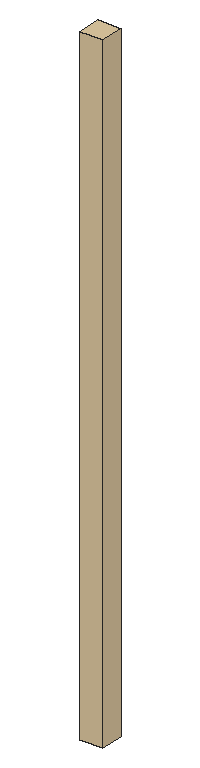
Revit family "M_MMP-Madeira de madeirite paralela-Coluna", category Pilares estruturais, Revit 2019
Family settings
  Forma do corte = Não definido
  Material para o comportamento do modelo = Madeira
  Exportar sempre como geometria = Não
  Redução da viga na planta = Da caixa de vinculação
  Número OmniClass = 23.25.30.11.14.11
  Título OmniClass = Columns
  ID de item do Seek = PSL-Parallel Strand Lumber-Column-0000-CAN-ENU
  Corte com vazios quando carregada = Não
  Representação simbólica = Das configurações de projeto
  Compartilhado = Não
  Exibir o pré-corte da família na vista da planta = Sim
Parameters (values of type "89x89")
  b = 89 mm
  d = 89 mm
  Structural Material [instance] = Madeira de Conífera, Madeira
Types (3, lengths in mm): name | b | d
  (no name) | 89 | 89
  89x89 | 89 | 89
  133x133 | 133 | 133
Reference planes
  plane 1 "Centro (Frente/Trás)": y = 0
  plane 2: z = 0
  plane 3 "Centro (Esquerda/Direita)": x = 0
  plane 4: x = -44.5
  plane 5: x = 44.5
  plane 6: y = 44.5
  plane 7: y = -44.5
Forms (mm)
  Extrusion 1, solid, material "Madeira de Conífera, Madeira" <- "Structural Material", detail levels medium+fine
    sketch origin (0, 0, 0) x (1, 0, 0) y (0, 1, 0)
      loop
        line (-44.5, 44.5) -> (-44.5, -44.5) -> (44.5, -44.5) -> (44.5, 44.5) -> (-44.5, 44.5)
    from 0 to 2500
Lines and regions (mm)
  symbolic lines, style "StructuralColumnStickSymbols", detail levels coarse
    curve 1: line (-44.5, 44.5, 0) -> (44.5, 44.5, 0)
    curve 2: line (-44.5, -44.5, 0) -> (44.5, -44.5, 0)
    curve 3: line (-44.5, 44.5, 0) -> (-44.5, -44.5, 0)
    curve 4: line (44.5, 44.5, 0) -> (44.5, -44.5, 0)
Dimensions and locks
  equal spacing: plane 4, plane 3 "Centro (Esquerda/Direita)", plane 5
  equal spacing: plane 7, plane 1 "Centro (Frente/Trás)", plane 6
  "d": plane 7 to plane 6
  "b": plane 4 to plane 5
  aligned and locked: plane 6 to Extrusion 1 sketch curve
  aligned and locked: Extrusion 1 sketch curve to plane 7
  aligned and locked: Extrusion 1 sketch curve to plane 4
  aligned and locked: plane 5 to Extrusion 1 sketch curve
  aligned and locked: level to Extrusion 1
  aligned and locked: level to plane 2
  aligned and locked: Extrusion 1 to plane 2
Automatic sketch dimensions
  curve 3 to plane 4 = 0 mm
  curve 4 to plane 5 = 0 mm
  curve 3 to plane 7 = 0 mm
  curve 3 to plane 6 = 0 mm
